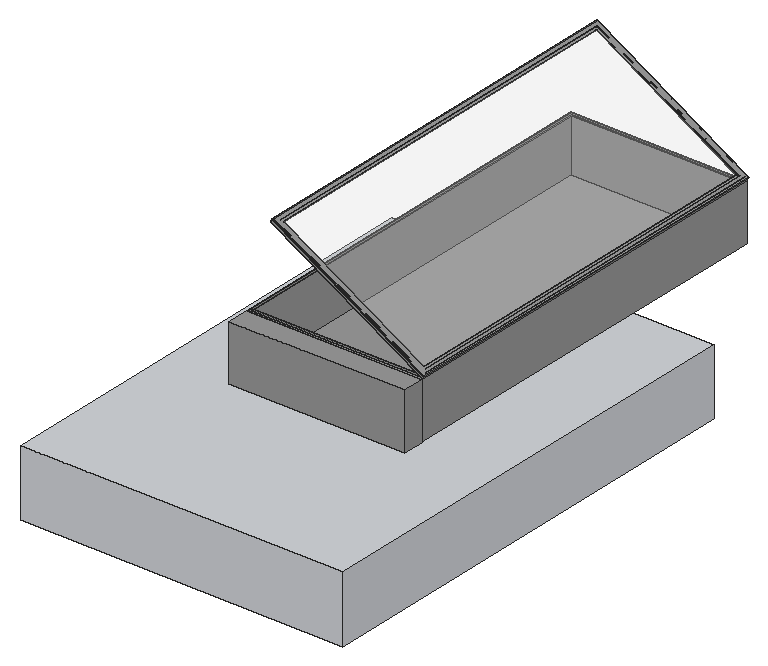
Revit family "Hager-Univers-IP55-D275-H1950-Cl.I-Steel_encl-CH-de", category Equipement électrique, Revit 2020
Family settings
  Hôte = Face
  Configuration du panneau = Deux colonnes, circuits au sein
  Cote de connecteur circulaire = Utiliser le diamètre
  Type d'élément = Tableau de raccordement
  Couper avec des vides une fois chargée = Non
  Partagée = Non
  Point de calcul de pièce = Non
Parameters (values of type "Bodenaufstellung IP55 B800 H1950 T275  - FR23K1")
  Width Control [instance] = if([EF000008 - Breite] > Min Width, [EF000008 - Breite], Min Width)  # 800 mm
  Commentaires du type = [HG000003 - Bereich]  # "Univers"
  Thickness Door [instance] = if([EF009171 - Materialstärke Tür/Deckel] > 3 mm, 3 mm, [EF009171 - Materialstärke Tür/Deckel])  # 1.5 mm
  Seal Frame Offset [instance] = 17 mm  # constant formula
  Plinth Visibility [instance] = [HG000027 - Sockelhöhe] > 0 mm  # yes
  Model = ""
  Min Width [instance] = 100 mm  # constant formula
  Min Height [instance] = 100 mm  # constant formula
  Min Depth [instance] = (2 * [EF009170 - Materialstärke Gehäuse]) + 1 mm  # 4 mm
  Internal Frame Depth [instance] = (Door System Depth * 0.5)  # 9 mm
  Height Control [instance] = if([EF000040 - Höhe] > Min Height, [EF000040 - Höhe], Min Height)  # 1950 mm
  HG000027 - Sockelhöhe = 100 mm
  HG000026 - Stehend auf dem Boden = yes
  HG000024 - Höhe des unteren Teils = 800 mm
  HG000023 - Gehäuse mit doppeltem Querschnitt = no
  HG000016 - 3D-Türsichtbarkeit [instance] = yes
  HG000015 - Sichtbarkeit der Türöffnung [instance] = no
  HG000014 - Tür rechts [instance] = yes
  HG000013 - Tür links [instance] = not([HG000014 - Tür rechts])  # no
  HG000012 - Türschwenkwinkel [instance] = 30.00°
  HG000010 - Asymmetrische Türen = no
  HG000009 - Doppelflügeligen Tür = no
  HG000006 - Unterputz = no
  HG000004 - Herstellerreferenz = "FR23K1"
  HG000003 - Bereich = "Univers"
  HG000002 - Mit tür = yes
  Frame Offset Bottom [instance] = 10 mm  # constant formula
  Frame Offset [instance] = 15 mm  # constant formula
  EF015940 - Deckel mit Überdruckentlastung = no
  EF011959 - Schutzart (NEMA) = ""
  EF009554 - Anzahl der Öffnungen für Flanschplatten = 6
  Fabricant = "Hager"  # constant formula
  EF009212 - Ausführung Deckel = "EV000116 - geschlossen"
  EF009171 - Materialstärke Tür/Deckel = 1.5 mm
  EF009170 - Materialstärke Gehäuse = 1.5 mm
  EF008873 - Nennstrom (In) = 800 A
  EF007800 - Geeignet für Blitzschutz = no
  EF006306 - Mit Schloss = no
  EF006244 - Transparenter Deckel/Tür = yes
  EF005474 - Schutzart (IP) = "EV006420 - IP55"
  EF004464 - Art der Tür = "EV002646 - Einzel"
  EF004427 - Anzahl der Module = 432
  EF004293 - Schlagfestigkeit = "EV008784 - IK10"
  EF003532 - Geeignet für Außengebrauch = no
  EF002950 - Breite in Teilungseinheiten = 24
  EF001613 - Funktionserhalt = "EV000494 - ohne"
  EF001596 - Werkstoff des Gehäuses = "EV000179 - Stahl"
  EF001131 - Innentiefe = 275 mm
  EF001088 - Anbaumöglichkeit = yes
  EF000437 - Anzahl der Leitungseinführungen = 6
  EF000339 - Art der Abdeckung = "EV004216 - Tür"
  EF000266 - Anzahl der Reihen = 12
  EF000218 - Einbautiefe = 0 mm
  EF000118 - Mit Montageplatte = no
  EF000116 - RAL-Nummer = "7035"
  EF000049 - Tiefe = 275 mm
  EF000040 - Höhe = 1950 mm
  EF000008 - Breite = 800 mm
  EF000007 - Farbe = "EV000270 - grau"
  EF000003 - Montageart = "EV012274 - Bodenaufstellung"
  Door System Leaf Tolerance [instance] = 1.5 mm  # constant formula
  Door System Depth [instance] = 18 mm  # constant formula
  Door Height [instance] = Height Control - [HG000027 - Sockelhöhe]  # 1850 mm
  Depth Control [instance] = if([EF000049 - Tiefe] > Min Depth, [EF000049 - Tiefe], Min Depth)  # 275 mm
  Default Elevation = 0 mm
  Connector Offset [instance] = Height Control / 2  # 975 mm
  Bottom Top Plate Trim [instance] = 1.5 mm  # constant formula
  Plinth height Ctrl [instance] = if([HG000027 - Sockelhöhe] > 0 mm, [HG000027 - Sockelhöhe], 12 mm)  # 100 mm
Types (11, lengths in mm): name | Width Control | HG000010 - Asymmetrische Türen | HG000009 - Doppelflügeligen Tür | HG000004 - Herstellerreferenz | EF009554 - Anzahl der Öffnungen für Flanschplatten | EF006244 - Transparenter Deckel/Tür | EF004464 - Art der Tür | EF004427 - Anzahl der Module | EF000437 - Anzahl der Leitungseinführungen | EF000008 - Breite
  Bodenaufstellung IP55 B1050 H1950 T275  - FR24E1 | 1050 | yes | yes | "FR24E1" | 8 | no | "EV003602 - Doppel" | 576 | 8 | 1050
  Bodenaufstellung IP55 B1050 H1950 T275  - FR24K1 | 1050 | yes | yes | "FR24K1" | 8 | yes | "EV003602 - Doppel" | 576 | 8 | 1050
  Bodenaufstellung IP55 B1300 H1950 T275  - FR25E1 | 1300 | yes | yes | "FR25E1" | 10 | no | "EV003602 - Doppel" | 720 | 10 | 1300
  Bodenaufstellung IP55 B1300 H1950 T275  - FR25K1 | 1300 | yes | yes | "FR25K1" | 10 | yes | "EV003602 - Doppel" | 720 | 10 | 1300
  Bodenaufstellung IP55 B1550 H1950 T275  - FR26E1 | 1550 | yes | yes | "FR26E1" | 12 | no | "EV003602 - Doppel" | 864 | 12 | 1550
  Bodenaufstellung IP55 B1550 H1950 T275  - FR26K1 | 1550 | yes | yes | "FR26K1" | 12 | yes | "EV003602 - Doppel" | 864 | 12 | 1550
  Bodenaufstellung IP55 B300 H1950 T275  - FR21E1 | 300 | no | no | "FR21E1" | 2 | no | "EV002646 - Einzel" | 144 | 2 | 300
  Bodenaufstellung IP55 B550 H1950 T275  - FR22E1 | 550 | no | no | "FR22E1" | 4 | no | "EV002646 - Einzel" | 288 | 4 | 550
  Bodenaufstellung IP55 B550 H1950 T275  - FR22K1 | 550 | no | no | "FR22K1" | 4 | yes | "EV002646 - Einzel" | 288 | 4 | 550
  Bodenaufstellung IP55 B800 H1950 T275  - FR23E1 | 800 | no | no | "FR23E1" | 6 | no | "EV002646 - Einzel" | 432 | 6 | 800
  Bodenaufstellung IP55 B800 H1950 T275  - FR23K1 | 800 | no | no | "FR23K1" | 6 | yes | "EV002646 - Einzel" | 432 | 6 | 800
Reference planes
  plane 1 "Center (Front/Back)": y = 0
  plane 2: z = 0
  plane 3 "Center (Left/Right)": x = 0
  plane 4: z = 275
  plane 5: y = 101.5
  plane 6: y = 1025
  plane 7: y = 100
  plane 8: y = 1950
  plane 9: z = 0
  plane 10: x = -385
  plane 11: x = 385
  plane 12: x = 383.5
  plane 13: x = -383.5
  plane 14: y = 1948.5
  plane 15: x = -383
  plane 16: x = -400
  plane 17: x = 383
  plane 18: x = 400
  plane 19: x = 398.5
  plane 20: x = -398.5
  plane 21: y = 111.5
  plane 22: y = 1950
  plane 23: y = 1933.5
  plane 24: z = 257
  plane 25: z = 1.5
  plane 26: z = 255.5
  plane 27: z = 273.5
Forms (mm)
  Extrusion 1, solid
    sketch origin (0, 0, 0) x (1, 0, 0) y (0, 1, 0)
      loop
        line (-702.964, 1305) -> (-702.964, -811.445) -> (766.763, -811.445) -> (766.763, 1305) -> (-702.964, 1305)
    from 0 to -304.8
  Extrusion 2, solid, material "Hager_Steel_RAL7035_Light_Grey", visible <- "Plinth Visibility", detail levels medium+fine
    sketch origin (0, 0, 0) x (1, 0, 0) y (0, 1, 0)
      loop
        line (-400, 0) -> (400, 0) -> (400, 100) -> (-400, 100) -> (-400, 0)
    from 0 to 257
  Extrusion 3, solid, material "Hager_Steel_RAL7035_Light_Grey", detail levels medium+fine
    sketch origin (0, 0, 0) x (1, 0, 0) y (0, 1, 0)
      loop
        line (-400, 100) -> (400, 100) -> (400, 1950) -> (-400, 1950) -> (-400, 100)
    from 0 to 257
  Extrusion 4, void
    sketch origin (0, 0, 0) x (1, 0, 0) y (0, 1, 0)
      loop
        line (-398.5, 101.5) -> (398.5, 101.5) -> (398.5, 1948.5) -> (-398.5, 1948.5) -> (-398.5, 101.5)
    from 1.5 to 255.5
  Extrusion 5, void
    sketch origin (-381.607, -4572, 257) x (0, -1, 0) y (-1, 0, 0)
      loop
        line (-4683.5, 1.893) -> (-6505.5, 1.893) -> (-6505.5, -765.107) -> (-4683.5, -765.107) -> (-4683.5, 1.893)
    from 0 to 1.5 <- "EF009170 - Materialstärke Gehäuse"
  Extrusion 6, solid, material "Hager_Steel_RAL7035_Light_Grey", detail levels fine
    sketch origin (0, 0, 257) x (1, 0, 0) y (0, 1, 0)
      loop
        line (-383.5, 1933.5) -> (-383.5, 111.5) -> (383.5, 111.5) -> (383.5, 1933.5) -> (-383.5, 1933.5)
      loop
        line (-385, 110) -> (385, 110) -> (385, 1935) -> (-385, 1935) -> (-385, 110)
    from 0 to 9 <- "Internal Frame Depth"
  Extrusion 7, solid, material "Hager_Steel_RAL7035_Light_Grey", detail levels coarse
    sketch origin (0, 0, 0) x (1, 0, 0) y (0, 1, 0)
      loop
        line (-400, 0) -> (400, 0) -> (400, 1950) -> (-400, 1950) -> (-400, 0)
    from 0 to 275
  Sweep 8, void
    path in 3D
      loop
        line (-400, 100, 0) -> (400, 100, 0) -> (400, 100, 257) -> (-400, 100, 257) -> (-400, 100, 0)
    profile origin (-400, 100, 128.5) x (-1, 0, 0) y (0, -1, 0)
      loop
        line (0, 0) -> (0, 1.5) -> (-1.5, 1.5)
        arc (-1.5, 1.5) -> (-1.061, 0.439) -> (0, 0) r 1.5
Cuts and joins
  Extrusion 4, Extrusion 5 cuts Extrusion 3
  Sweep 8 cuts Extrusion 2
Lines and regions (mm)
  Masking region 1
    outline origin (0, 0, 0) x (1, 0, 0) y (0, 0, 1)
      loop
        line (-400, 275) -> (-400, 0) -> (400, 0) -> (400, 275) -> (-400, 275)
  Masking region 2, detail levels medium+fine
    outline origin (0, 140, 0) x (0, 1, 0) y (0, 0, 1)
      loop
        line (-40, 0) -> (1810, 0) -> (1810, 257) -> (-40, 257) -> (-40, 0)
  Masking region 3, not visible, detail levels medium+fine
    outline origin (0, 297.922, 0) x (0, 1, 0) y (0, 0, 1)
      loop
        line (738.578, 0) -> (778.578, 0) -> (778.578, 263.5)
        arc (778.578, 263.5) -> (775.649, 270.571) -> (768.578, 273.5) r 10
        line (768.578, 273.5) -> (738.578, 273.5) -> (738.578, 0)
  Masking region 4, detail levels coarse
    outline origin (0, 0, 180) x (0, 1, 0) y (0, 0, 1)
      loop
        line (0, -180) -> (1950, -180) -> (1950, 95) -> (0, 95) -> (0, -180)
  Masking region 5, visible <- "Plinth Visibility", detail levels medium+fine
    outline origin (0, 52.24, 12.345) x (0, 0, -1) y (0, 1, 0)
      loop
        line (10.845, 47.76) -> (-243.155, 47.76)
        arc (-243.155, 47.76) -> (-243.594, 46.699) -> (-244.655, 46.26) r 1.5
        line (-244.655, 46.26) -> (-244.655, -52.24) -> (12.345, -52.24) -> (12.345, 46.26)
        arc (12.345, 46.26) -> (11.285, 46.699) -> (10.845, 47.76) r 1.5
  Masking region 6, detail levels medium+fine
    outline origin (-381.607, -4572, 257) x (-1, 0, 0) y (0, -1, 0)
      loop
        line (18.393, -6522) -> (18.393, -4672) -> (-781.607, -4672) -> (-781.607, -6522) -> (18.393, -6522)
  Masking region 7, visible <- "Plinth Visibility", detail levels medium+fine
    outline origin (-381.607, -4727, 257) x (-1, 0, 0) y (0, -1, 0)
      loop
        arc (16.893, -4827) -> (17.332, -4825.939) -> (18.393, -4825.5) r 1.5
        line (18.393, -4825.5) -> (18.393, -4727) -> (-781.607, -4727) -> (-781.607, -4825.5)
        arc (-781.607, -4825.5) -> (-780.546, -4825.939) -> (-780.107, -4827) r 1.5
        line (-780.107, -4827) -> (16.893, -4827)
  Masking region 8, detail levels coarse
    outline origin (-442.548, -4669.526, 257) x (-1, 0, 0) y (0, -1, 0)
      loop
        line (-42.548, -6619.526) -> (-42.548, -4669.526) -> (-842.548, -4669.526) -> (-842.548, -6619.526) -> (-42.548, -6619.526)
  sketch lines
    curve 1: line (-400, 100, 257) -> (-400, 100, 0)
    curve 2: line (400, 100, 257) -> (-400, 100, 257)
    curve 3: line (400, 100, 257) -> (400, 100, 0)
    curve 4: line (-400, 100, 0) -> (400, 100, 0)
Dimensions and locks
  "Depth Control": plane 4 to Extrusion 1
  "HG000027 - Sockelhöhe": plane 1 "Center (Front/Back)" to plane 7
  "EF009170 - Materialstärke Gehäuse": plane 5 to plane 7
  locked: connector elem to plane 3 "Center (Left/Right)"
  equal spacing: plane 8, plane 6, plane 7
  locked: connector elem to plane 6
  "EF009170 - Materialstärke Gehäuse": plane 8 to plane 14
  "EF009170 - Materialstärke Gehäuse": plane 10 to plane 13
  "EF009170 - Materialstärke Gehäuse": plane 12 to plane 11
  "Frame Offset": plane 20 to plane 13
  "Frame Offset": plane 12 to plane 19
  "EF009170 - Materialstärke Gehäuse": plane 16 to plane 20
  "EF009170 - Materialstärke Gehäuse": plane 19 to plane 18
  "Seal Frame Offset": plane 16 to plane 15
  "Seal Frame Offset": plane 17 to plane 18
  "Frame Offset Bottom": plane 21 to plane 5
  "Frame Offset": plane 14 to plane 23
  equal spacing: plane 16, plane 3 "Center (Left/Right)", plane 18
  "Width Control": plane 16 to plane 18
  "EF009170 - Materialstärke Gehäuse": plane 4 to plane 27
  "EF009170 - Materialstärke Gehäuse": plane 24 to plane 26
  "EF009170 - Materialstärke Gehäuse": plane 25 to level
  "Door System Depth": plane 4 to plane 24
  "Height Control": plane 1 "Center (Front/Back)" to Extrusion 7 sketch curve
  "Height Control": Masking region 4 sketch curve to plane 1 "Center (Front/Back)"
  "Height Control": plane 1 "Center (Front/Back)" to plane 22
  "Bottom Top Plate Trim": profile plane to Sweep 8 sketch curve
  "Bottom Top Plate Trim": Sweep 8 sketch curve to profile plane
  "Plinth height Ctrl": plane 1 "Center (Front/Back)" to Extrusion 2 sketch curve
  "Plinth height Ctrl": Masking region 5 sketch curve to plane 1 "Center (Front/Back)"
  "Plinth height Ctrl": plane 1 "Center (Front/Back)" to Masking region 7 sketch curve
  "Thickness Door": Extrusion 6 sketch curve to Extrusion 6 sketch curve  (x3)
  "Thickness Door": cut or joined group of Extrusion 3, Extrusion 4, Extrusion 5 to Extrusion 6 sketch curve
  radius of Masking region 3 sketch curve = 10 mm
  "Bottom Top Plate Trim": radius of Masking region 5 sketch curve  (x2)
  "Bottom Top Plate Trim": radius of Sweep 8 sketch curve
  "Bottom Top Plate Trim": radius of Masking region 7 sketch curve  (x2)
  aligned and locked: plane 2 to Extrusion 1
  aligned and locked: level to Extrusion 1
  aligned and locked: level to Masking region 1 sketch curve
  aligned and locked: Masking region 1 sketch curve to plane 18
  aligned and locked: Masking region 1 sketch curve to plane 16
  aligned and locked: plane 7 to Masking region 2 sketch curve
  aligned and locked: level to Masking region 3 sketch curve
  aligned and locked: Masking region 3 sketch curve to plane 27
  aligned and locked: level to Masking region 2 sketch curve
  aligned and locked: plane 1 "Center (Front/Back)" to Extrusion 2 sketch curve
  aligned and locked: Extrusion 3 sketch curve to plane 7
  aligned and locked: plane 16 to Extrusion 3 sketch curve
  aligned and locked: plane 18 to Extrusion 3 sketch curve
  aligned and locked: plane 20 to Extrusion 4 sketch curve
  aligned and locked: plane 19 to Extrusion 4 sketch curve
  aligned and locked: Extrusion 4 sketch curve to plane 5
  aligned and locked: Extrusion 4 to plane 25
  aligned and locked: plane 26 to Extrusion 4
  aligned and locked: plane 24 to Extrusion 3
  aligned and locked: Extrusion 5 sketch curve to plane 21
  aligned and locked: Extrusion 5 sketch curve to plane 13
  aligned and locked: Extrusion 5 sketch curve to plane 12
  aligned and locked: plane 18 to Extrusion 7 sketch curve
  aligned and locked: plane 1 "Center (Front/Back)" to Extrusion 7 sketch curve
  aligned and locked: plane 16 to Extrusion 7 sketch curve
  aligned and locked: plane 4 to Extrusion 7
  aligned and locked: Extrusion 7 to level
  aligned and locked: level to Masking region 4 sketch curve
  aligned and locked: Masking region 4 sketch curve to plane 1 "Center (Front/Back)"
  aligned and locked: Masking region 4 sketch curve to plane 4
  aligned and locked: nested 1 to level
  aligned and locked: nested 1 to plane 16
  aligned and locked: plane 8 to Extrusion 3 sketch curve
  aligned and locked: plane 23 to Extrusion 5 sketch curve
  aligned and locked: plane 14 to Extrusion 4 sketch curve
  aligned and locked: Masking region 2 sketch curve to plane 8
  aligned and locked: level to Masking region 5 sketch curve
  aligned and locked: plane 16 to Extrusion 2 sketch curve
  aligned and locked: plane 18 to Extrusion 2 sketch curve
  aligned and locked: Masking region 5 sketch curve to plane 24
  aligned and locked: Masking region 2 sketch curve to plane 24
  aligned and locked: plane 24 to Extrusion 2
  aligned and locked: profile plane to Sweep 8 sketch curve  (x2)
  aligned and locked: Masking region 6 sketch curve to plane 18
  aligned and locked: Masking region 6 sketch curve to plane 22
  aligned and locked: Masking region 6 sketch curve to plane 16
  aligned and locked: plane 8 to plane 22
  aligned and locked: Masking region 6 sketch curve to plane 7
  aligned and locked: Masking region 7 sketch curve to plane 16
  aligned and locked: Masking region 7 sketch curve to plane 1 "Center (Front/Back)"
  aligned and locked: Masking region 7 sketch curve to plane 18
  aligned and locked: Masking region 8 sketch curve to plane 1 "Center (Front/Back)"
  aligned and locked: Masking region 8 sketch curve to plane 18
  aligned and locked: Masking region 8 sketch curve to plane 22
  aligned and locked: Masking region 8 sketch curve to plane 16
  aligned and locked: nested 2 to plane 7
  aligned and locked: plane 3 "Center (Left/Right)" to nested 2
  aligned and locked: nested 2 to plane 24
  aligned and locked: Extrusion 6 sketch curve to cut or joined group of Extrusion 3, Extrusion 4, Extrusion 5  (x4)
Automatic sketch dimensions
  Extrusion 1 sketch curve to Extrusion 1 sketch curve = 1469.727 mm
  Extrusion 1 sketch curve to Extrusion 1 sketch curve = 2116.445 mm
  Masking region 1 sketch curve to plane 4 = 0 mm
  plane 6 to Masking region 3 sketch curve = 11.5 mm
  Masking region 3 sketch curve to Masking region 3 sketch curve = 30 mm
  Masking region 5 sketch curve to plane 1 "Center (Front/Back)" = 0 mm
Nested families
  nested 1: "Hager_Enclosure_Symbol" at (-400, 0, 0) x (1, 0, 0) z (0, -1, 0), Height <- "Depth Control", Width <- "Width Control", type "Hager_Enclosure_Symbol"
    with Width_Ctrl 800 mm, Width 800 mm, Height_Ctrl 275 mm, Height 275 mm, A_Width_Int 18.047 mm, A_Width 216.562 mm, A_Height_Ctrl 240.625 mm, A_Height 240.625 mm
  nested 2: "EC000058_Univers_Door" at (0, 100, 257) x (1, 0, 0) z (0, 1, 0), Leaf_Tolerance <- "Door System Leaf Tolerance", Angle <- "HG000012 - Türschwenkwinkel", Door_Depth <- "Door System Depth", Door_Left <- "HG000013 - Tür links", Transparent <- "EF006244 - Transparenter Deckel/Tür", Assymetrical <- "HG000010 - Asymmetrische Türen", Width <- "Width Control", Clearance <- "HG000015 - Sichtbarkeit der Türöffnung", Double <- "HG000009 - Doppelflügeligen Tür", 3d_Door <- "HG000016 - 3D-Türsichtbarkeit", Lock_Visibility <- "EF006306 - Mit Schloss", Width_Ctrl <- "Width Control", Door_Right <- "HG000014 - Tür rechts", Door <- "HG000002 - Mit tür", Height <- "Door Height", Thickness <- "Thickness Door", type "EC000058_Univers_Door", detail levels medium+fine
    with min_wh 4 mm, Width_Ctrl 800 mm, Width 800 mm, Transparent yes, Thickness 1.5 mm, Seal_Material Hager_Rubber, Lock_Visibility no, Lock_Material Hager_Plastic_RAL9005_Jet_Black, Leaf_Width 800 mm, Leaf_Tolerance_External_Sides 0 mm, Leaf_Tolerance 1.5 mm, Leaf_Offset 0 mm, Leaf_Height 1847 mm, Leaf_2_Width 800 mm, Leaf_2_Offset 400 mm, Leaf_1_Width 800 mm, Leaf_1_Offset 400 mm, Height_Ctrl 1850 mm, Height 1850 mm, Glass_Material Hager_Glass, Double_Clearance_Ctrl no, Double no, Door_Right_Ctrl yes, Door_Right yes, Door_Material Hager_Steel_RAL7035_Light_Grey, Door_Left_Ctrl no, Door_Left no, Door_Depth 18 mm, Door yes, Clearance_Material Hager_Clearance, Clearance_Depth 800 mm, Clearance_Ctrl no, Clearance no, Assymetrical no, Angle 30.00°, 3d_Door yes
Connectors
  electrical at (0, 1025, 0)
    settings: on plane 9, index 1, voltage 0 V, apparent load 0 VA, apparent load phase1 0 VA, apparent load phase2 0 VA, apparent load phase3 0 VA, power factor 1, load classification "Other", number of poles 1, system type 30, power factor state 1, is connector primary yes, connector utility no, sub classification motor no, connector description ""
Definition of nested family "EC000058_Univers_Door"
  Parameters (values of type "EC000058_Univers_Door")
    min_wh [instance] = (2 * Thickness) + 1 mm  # 11 mm
    Width_Ctrl [instance] = 400 mm
    Width [instance] = 500 mm
    Transparent [instance] = yes
    Thickness [instance] = 5 mm
    Seal_Material [instance] = none
    Lock_Visibility [instance] = yes
    Lock_Material [instance] = none
    Leaf_Width [instance] = if((Width_Ctrl - 2 * Leaf_Tolerance_External_Sides) > 0 mm, (Width_Ctrl - 2 * Leaf_Tolerance_External_Sides), min_wh)  # 400 mm
    Leaf_Tolerance_External_Sides [instance] = 0 mm  # constant formula
    Leaf_Tolerance [instance] = 1.5 mm
    Leaf_Offset [instance] = 0 mm  # constant formula
    Leaf_Height [instance] = if((Height_Ctrl - 2 * Leaf_Tolerance) > 0 mm, (Height_Ctrl - 2 * Leaf_Tolerance), min_wh)  # 497 mm
    Leaf_2_Width [instance] = if(and(and(Double, Assymetrical), Door_Left), (Leaf_Width / 3) - (Leaf_Tolerance / 2), if(and(and(Double, Assymetrical), Door_Right), (Leaf_Width / 3) * 2 - (Leaf_Tolerance / 2), if(and(Double, not(Assymetrical)), (Leaf_Width / 2) - Leaf_Tolerance, Leaf_Width)))  # 400 mm
    Leaf_2_Offset [instance] = if(and(Double, Assymetrical), Leaf_2_Width / 2, if(and(Double, not(Assymetrical)), Leaf_Width / 4, Leaf_Width / 2))  # 200 mm
    Leaf_1_Width [instance] = if(and(and(Double, Assymetrical), Door_Right), (Leaf_Width / 3) - (Leaf_Tolerance / 2), if(and(and(Double, Assymetrical), Door_Left), (Width / 3) * 2 - (Leaf_Tolerance / 2), if(and(Double, not(Assymetrical)), (Leaf_Width / 2) - Leaf_Tolerance, Leaf_Width)))  # 400 mm
    Leaf_1_Offset [instance] = if(and(Double, Assymetrical), Leaf_1_Width / 2, if(and(Double, not(Assymetrical)), Leaf_Width / 4, Leaf_Width / 2))  # 200 mm
    Height_Ctrl [instance] = if(Height > min_wh, Height, min_wh)  # 500 mm
    Height [instance] = 500 mm
    Glass_Material [instance] = none
    Double_Clearance_Ctrl [instance] = and(Double, Clearance)  # no
    Double [instance] = no
    Door_Right_Ctrl [instance] = and(or(Door_Right, Double), Door)  # yes
    Door_Right [instance] = yes
    Door_Material [instance] = none
    Door_Left_Ctrl [instance] = and(or(Door_Left, Double), Door)  # no
    Door_Left [instance] = no
    Door_Depth [instance] = 30 mm
    Door [instance] = yes
    Default Elevation = 1219.2 mm
    Clearance_Material [instance] = none
    Clearance_Depth [instance] = if(Leaf_1_Width > Leaf_2_Width, Leaf_1_Width, Leaf_2_Width)  # 400 mm
    Clearance_Ctrl [instance] = and(not(Double), Clearance)  # yes
    Clearance [instance] = yes
    Assymetrical [instance] = yes
    Angle [instance] = 30.00°
    3d_Door [instance] = yes
  Reference planes
    plane 1 "Center (Front/Back)": y = 0
    plane 2 "Bottom": z = 0
    plane 3 "Center (Left/Right)": x = 0
    plane 4: z = 500
    plane 5: x = -200
    plane 6: x = 200
    plane 7: z = 500
    plane 8: x = -200
    plane 9: z = 0
    plane 10: x = 200
    plane 11: y = 0
    plane 12: z = 1.5
    plane 13: x = -600
    plane 14: y = -400
    plane 15: x = 600
    plane 16: x = 0
    plane 17: x = 0
    plane 18: x = -200
    plane 19: x = 200
    plane 20: z = 498.5
  Forms (mm)
    Extrusion 1, solid, material <- "Clearance_Material", visible <- "Double_Clearance_Ctrl"
      sketch origin (1200, 0, 0) x (1, 0, 0) y (0, 0, -1)
        loop
          line (-1800, -498.5) -> (-600, -498.5) -> (-600, 0) -> (-1800, 0) -> (-1800, -498.5)
      from 0 to -400
  Dimensions and locks
    equal spacing: plane 5, plane 3 "Center (Left/Right)", plane 6
    "Width_Ctrl": plane 5 to plane 6
    "Leaf_Offset": plane 5 to plane 8
    "Leaf_Offset": plane 6 to plane 10
    "Leaf_Offset": plane 9 to level
    "Leaf_Offset": plane 4 to plane 7
    "Height_Ctrl": plane 4 to level
    "Leaf_Tolerance": plane 12 to plane 9
    locked: plane 11 to plane 1 "Center (Front/Back)"
    "Leaf_1_Offset": plane 18 to plane 16
    "Leaf_2_Offset": plane 17 to plane 19
    "Leaf_1_Width": plane 13 to plane 8
    "Leaf_2_Width": plane 10 to plane 15
    "Clearance_Depth": plane 14 to plane 1 "Center (Front/Back)"
    "Leaf_Tolerance_External_Sides": plane 8 to plane 18
    "Leaf_Tolerance_External_Sides": plane 19 to plane 10
    "Leaf_Tolerance": plane 7 to plane 20
    aligned and locked: level to plane 2 "Bottom"
    aligned and locked: nested 1 to plane 16
    aligned and locked: nested 2 to plane 17
    aligned and locked: Extrusion 1 to plane 13
    aligned and locked: plane 15 to Extrusion 1
    aligned and locked: Extrusion 1 to plane 14
    aligned and locked: plane 12 to nested 1
    aligned and locked: nested 2 to plane 12
    aligned and locked: Extrusion 1 to plane 11
    aligned and locked: plane 20 to Extrusion 1
    aligned and locked: nested 2 to plane 11
    aligned and locked: nested 1 to plane 11
  Automatic sketch dimensions
    Extrusion 1 sketch curve to level = 0 mm
    plane 5 to Extrusion 1 sketch curve = 400 mm
    plane 6 to Extrusion 1 sketch curve = 400 mm
    Extrusion 1 sketch curve to plane 4 = 1.5 mm
  Nested families
    nested 1: "EC000058_Univers_Door_Leaf" at (0, 0, 1.5), Width <- "Leaf_1_Width", visible <- "Door_Left_Ctrl", Leaf_Height <- "Leaf_Height", Angle <- "Angle", 3d_Door <- "3d_Door", Transparent <- "Transparent", Clearance Material <- "Clearance_Material", Clearance <- "Clearance_Ctrl", Door_Material <- "Door_Material", Glass_Material <- "Glass_Material", Door_Depth <- "Door_Depth", Lock_Material <- "Lock_Material", Seal_Material <- "Seal_Material", Lock_Visibility <- "Lock_Visibility", Thickness <- "Thickness", type "EC000058_Univers_Door_Leaf"
      with Width 400 mm, Transparent_Glass_Offset 30 mm, Transparent_Ctrl yes, Transparent yes, Thickness 5 mm, Standard no, Seal_Material none, Seal_D2 8 mm, Seal_D1 1 mm, Offset_Internal_Frame 10 mm, Lock_Width 20 mm, Lock_Visibility_3d yes, Lock_Visibility yes, Lock_Thickness_3 3 mm, Lock_Thickness_2 1 mm, Lock_Thickness_1 3 mm, Lock_Radius_Offset_2 16 mm, Lock_Radius_Offset_1 15 mm, Lock_Radius_2 5 mm, Lock_Radius 6 mm, Lock_Offset 5 mm, Lock_Material none, Lock_Height 80 mm, Lock_Cover_Top_Offset_2d 17 mm, Lock_Cover_Height -65 mm, Leaf_Height 497 mm, Internal_Seal_Thickness 8 mm, Internal_Seal_Depth_2 4.5 mm, Internal_Frame_Depth 25 mm, Glass_Thickness -1 mm, Glass_Offset -2 mm, Glass_Material none, Door_Material none, Door_Depth 30 mm, Clearance Material none, Clearance yes, Angle_Ctrl 30.00°, Angle 30.00°, 3d_Door yes
    nested 2: "EC000058_Univers_Door_Leaf" at (0, 0, 1.5) x (-1, 0, 0) z (0, 0, 1), Width <- "Leaf_2_Width", visible <- "Door_Right_Ctrl", Leaf_Height <- "Leaf_Height", Angle <- "Angle", 3d_Door <- "3d_Door", Transparent <- "Transparent", Clearance Material <- "Clearance_Material", Clearance <- "Clearance_Ctrl", Door_Material <- "Door_Material", Glass_Material <- "Glass_Material", Door_Depth <- "Door_Depth", Lock_Material <- "Lock_Material", Seal_Material <- "Seal_Material", Lock_Visibility <- "Lock_Visibility", Thickness <- "Thickness", type "EC000058_Univers_Door_Leaf"
      with Width 400 mm, Transparent_Glass_Offset 30 mm, Transparent_Ctrl yes, Transparent yes, Thickness 5 mm, Standard no, Seal_Material none, Seal_D2 8 mm, Seal_D1 1 mm, Offset_Internal_Frame 10 mm, Lock_Width 20 mm, Lock_Visibility_3d yes, Lock_Visibility yes, Lock_Thickness_3 3 mm, Lock_Thickness_2 1 mm, Lock_Thickness_1 3 mm, Lock_Radius_Offset_2 16 mm, Lock_Radius_Offset_1 15 mm, Lock_Radius_2 5 mm, Lock_Radius 6 mm, Lock_Offset 5 mm, Lock_Material none, Lock_Height 80 mm, Lock_Cover_Top_Offset_2d 17 mm, Lock_Cover_Height -65 mm, Leaf_Height 497 mm, Internal_Seal_Thickness 8 mm, Internal_Seal_Depth_2 4.5 mm, Internal_Frame_Depth 25 mm, Glass_Thickness -1 mm, Glass_Offset -2 mm, Glass_Material none, Door_Material none, Door_Depth 30 mm, Clearance Material none, Clearance yes, Angle_Ctrl 30.00°, Angle 30.00°, 3d_Door yes
  Definition of nested family "EC000058_Univers_Door_Leaf"
    Parameters (values of type "EC000058_Univers_Door_Leaf")
      Width [instance] = 2000 mm
      Transparent_Glass_Offset [instance] = 30 mm
      Transparent_Ctrl [instance] = and(Transparent, [3d_Door])  # yes
      Transparent [instance] = yes
      Thickness [instance] = 5 mm
      Standard [instance] = and(not(Transparent), [3d_Door])  # no
      Seal_Material [instance] = none
      Seal_D2 [instance] = 8 mm  # constant formula
      Seal_D1 [instance] = 1 mm  # constant formula
      Offset_Internal_Frame [instance] = 10 mm  # constant formula
      Lock_Width [instance] = 20 mm  # constant formula
      Lock_Visibility_3d [instance] = and(Lock_Visibility, [3d_Door])  # yes
      Lock_Visibility [instance] = yes
      Lock_Thickness_3 [instance] = 3 mm  # constant formula
      Lock_Thickness_2 [instance] = 1 mm  # constant formula
      Lock_Thickness_1 [instance] = 3 mm  # constant formula
      Lock_Radius_Offset_2 [instance] = Lock_Radius_Offset_1 + 1 mm  # 16 mm
      Lock_Radius_Offset_1 [instance] = 15 mm  # constant formula
      Lock_Radius_2 [instance] = Lock_Radius - 1 mm  # 5 mm
      Lock_Radius [instance] = 6 mm  # constant formula
      Lock_Offset [instance] = 5 mm  # constant formula
      Lock_Material [instance] = none
      Lock_Height [instance] = 80 mm  # constant formula
      Lock_Cover_Top_Offset_2d [instance] = Lock_Radius_Offset_2 + 1 mm  # 17 mm
      Lock_Cover_Height [instance] = -(Lock_Height - Lock_Radius_Offset_1)  # -65 mm
      Leaf_Height [instance] = 2720.336 mm
      Internal_Seal_Thickness [instance] = 8 mm  # constant formula
      Internal_Seal_Depth_2 [instance] = 4.5 mm  # constant formula
      Internal_Frame_Depth [instance] = if(Door_Depth - Thickness > 5 mm, Door_Depth - Thickness, 5 mm)  # 25 mm
      Glass_Thickness [instance] = if(Thickness > 15 mm, Glass_Offset + 10 mm, -1 mm)  # -1 mm
      Glass_Offset [instance] = if(Thickness > 15 mm, -(Thickness + 10 mm) / 2, -2 mm)  # -2 mm
      Glass_Material [instance] = none
      Door_Material [instance] = none
      Door_Depth [instance] = 30 mm
      Default Elevation = 0 mm
      Clearance Material [instance] = none
      Clearance [instance] = yes
      Angle_Ctrl [instance] = if(Angle > 180.00°, 180.00°, Angle)  # 90.00°
      Angle [instance] = 90.00°
      3d_Door [instance] = yes
    Reference planes
      plane 1 "Center (Front/Back)": y = 0
      plane 2: z = 0
      plane 3 "Center (Left/Right)": x = 0
      plane 4: y = 2000
      plane 5: x = -1000
      plane 6: x = 1000
      plane 7: x = -3000
      plane 8: z = 2720.336
      plane 9: z = 30
      plane 10: z = 2690.336
      plane 11: x = 970
      plane 12: x = -970
      plane 13: y = -3
      plane 14: z = 107.833
      plane 15: y = -5
      plane 16: y = -223.314
      plane 17: x = -1000
      plane 18: z = 1360.168
      plane 19: y = 30
    Forms (mm)
      Extrusion 1, solid, material <- "Clearance Material", visible <- "Clearance"
        sketch origin (0, 0, 0) x (1, 0, 0) y (0, 0, 1)
          loop
            line (-3000, 2720.336) -> (-3000, 0) -> (1000, 0) -> (1000, 2720.336) -> (-3000, 2720.336)
        from 0 to -2000
      Extrusion 2, solid, material <- "Door_Material", visible <- "Standard", detail levels medium+fine
        sketch origin (-1000, 0, 0) x (0, 1, 0) y (-1, 0, 0)
          loop
            line (0, 30) -> (0, 25) -> (2000, 25) -> (2000, 30) -> (0, 30)
        from 0 to 2720.336 <- "Leaf_Height"
      Extrusion 3, solid, material <- "Door_Material", visible <- "Transparent_Ctrl", detail levels medium+fine
        sketch origin (-1000, 0, 0) x (0, 1, 0) y (-1, 0, 0)
          loop
            line (0, 25) -> (2000, 25) -> (2000, 30) -> (0, 30) -> (0, 25)
        from 0 to 2720.336 <- "Leaf_Height"
      Extrusion 4, void
        sketch origin (-1025, 2000, 0) x (0, 1, 0) y (0, 0, -1)
          loop
            line (-30, -2690.336) -> (-30, -30) -> (-1970, -30) -> (-1970, -2690.336) -> (-30, -2690.336)
        from 0 to 5 <- "Thickness"
      Sweep 5, solid, material <- "Seal_Material", visible <- "Transparent_Ctrl", detail levels fine
        path in 3D
          loop
            line (-1025, 30, 30) -> (-1025, 30, 2690.336) -> (-1025, 1970, 2690.336) -> (-1025, 1970, 30) -> (-1025, 30, 30)
        profile origin (-1025, 1000, 30) x (1, 0, 0) y (0, 0, 1)
          loop
            line (0, 0) -> (0, -8) -> (1, -8) -> (1, 0) -> (0, 0)
      Extrusion 6, solid, material <- "Glass_Material", visible <- "Transparent_Ctrl", detail levels medium+fine
        sketch origin (-1030, 0, 0) x (0, 1, 0) y (0, 0, -1)
          loop
            line (1970, -2690.336) -> (1970, -30) -> (30, -30) -> (30, -2690.336) -> (1970, -2690.336)
        from -2 <- "Glass_Offset" to -1 <- "Glass_Thickness"
      Extrusion 7, solid, material <- "Door_Material", visible <- "3d_Door", detail levels medium+fine
        sketch origin (-1025, 2000, 0) x (0, -1, 0) y (0, 0, -1)
          loop
            line (0, -2720.336) -> (2000, -2720.336) -> (2000, 0) -> (0, 0) -> (0, -2720.336)
          loop
            line (1995, -5) -> (5, -5) -> (5, -2715.336) -> (1995, -2715.336) -> (1995, -5)
        from 0 to 25 <- "Internal_Frame_Depth"
      Sweep 8, solid, material <- "Seal_Material", visible <- "Transparent_Ctrl", detail levels fine
        path in 3D
          loop
            line (-1025, 0, 0) -> (-1025, 2000, 0) -> (-1025, 2000, 2720.336) -> (-1025, 0, 2720.336) -> (-1025, 0, 0)
        profile origin (-1025, 0, 1360.168) x (1, 0, 0) y (0, 1, 0)
          loop
            line (0, 10) -> (2.975, 10)
            arc (2.975, 10) -> (4.053, 10.447) -> (4.5, 11.525) r 1.525
            line (4.5, 11.525) -> (4.5, 16.527)
            arc (4.5, 16.527) -> (4.069, 17.569) -> (3.027, 18) r 1.473
            line (3.027, 18) -> (0, 18) -> (0, 10)
      Extrusion 9, solid, material <- "Lock_Material", visible <- "Lock_Visibility_3d", detail levels fine
        sketch origin (-1030, 0, 0) x (0, 1, 0) y (0, 0, -1)
          loop
            arc (1993.5, -1400.168) -> (1994.561, -1399.729) -> (1995, -1398.668) r 1.5
            line (1995, -1398.668) -> (1995, -1320.168) -> (1975, -1320.168) -> (1975, -1398.668)
            arc (1975, -1398.668) -> (1975.439, -1399.729) -> (1976.5, -1400.168) r 1.5
            line (1976.5, -1400.168) -> (1993.5, -1400.168)
        from 3 <- "Lock_Thickness_1" to 0
      Blend 10, solid, material <- "Lock_Material", visible <- "Lock_Visibility_3d", detail levels fine
        base sketch origin (-1033, 0, 0) x (0, 1, 0) y (0, 0, -1)
          loop
            line (1975, -1320.168) -> (1975, -1398.668)
            arc (1975, -1398.668) -> (1975.439, -1399.729) -> (1976.5, -1400.168) r 1.5
            line (1976.5, -1400.168) -> (1993.5, -1400.168)
            arc (1993.5, -1400.168) -> (1994.561, -1399.729) -> (1995, -1398.668) r 1.5
            line (1995, -1398.668) -> (1995, -1320.168) -> (1975, -1320.168)
        top sketch origin (-1033, 0, 0) x (0, 1, 0) y (0, 0, -1)
          loop
            line (1976, -1320.168) -> (1976, -1398.668)
            arc (1976, -1398.668) -> (1976.146, -1399.022) -> (1976.5, -1399.168) r 0.5
            line (1976.5, -1399.168) -> (1993.5, -1399.168)
            arc (1993.5, -1399.168) -> (1993.854, -1399.022) -> (1994, -1398.668) r 0.5
            line (1994, -1398.668) -> (1994, -1320.168) -> (1976, -1320.168)
        from 0 to 1 <- "Lock_Thickness_2"
      Blend 11, solid, material <- "Lock_Material", visible <- "Lock_Visibility_3d", detail levels fine
        base sketch origin (-1034, 0, 0) x (0, 1, 0) y (0, 0, -1)
          loop
            line (1978, -1320.168) -> (1978, -1384.168)
            arc (1978, -1384.168) -> (1985, -1391.168) -> (1992, -1384.168) r 7
            line (1992, -1384.168) -> (1992, -1320.168) -> (1978, -1320.168)
        top sketch origin (-1034, 0, 0) x (0, 1, 0) y (0, 0, -1)
          loop
            line (1991, -1320.168) -> (1979, -1320.168) -> (1979, -1383.168)
            arc (1979, -1383.168) -> (1985, -1389.168) -> (1991, -1383.168) r 6
            line (1991, -1383.168) -> (1991, -1320.168)
        from 0 to 3 <- "Lock_Thickness_3"
      Extrusion 12, solid, material <- "Lock_Material", visible <- "Lock_Visibility_3d", detail levels fine
        sketch origin (-1030, 1975, 1320.168) x (1, 0, 0) y (0, -1, 0)
          loop
            line (-7, -19) -> (-7, -1) -> (0, -1) -> (0, 0) -> (-8, 0) -> (-8, -20) -> (0, -20) -> (0, -19) -> (-7, -19)
        from 0 to -65 <- "Lock_Cover_Height"
      Extrusion 13, void
        sketch origin (-1038, 1995, 1320.168) x (-1, 0, 0) y (0, 0, -1)
          loop
            line (-5, -65) -> (0, -65) -> (-5, -60) -> (-5, -65)
        from 0 to 20 <- "Lock_Width"
      Extrusion 14, void
        sketch origin (-1038, 1975, 1320.168) x (0, -1, 0) y (0, 0, -1)
          loop
            circle (-10, -15.995) r 6
          loop
            circle (-10, -15.995) r 5
        from 0 to 2
      Extrusion 15, solid, material <- "Lock_Material", visible <- "Lock_Visibility_3d", detail levels medium
        sketch origin (-1030, 0, 0) x (0, 1, 0) y (0, 0, -1)
          loop
            arc (1993.5, -1400.168) -> (1994.561, -1399.729) -> (1995, -1398.668) r 1.5
            line (1995, -1398.668) -> (1995, -1320.168) -> (1975, -1320.168) -> (1975, -1398.668)
            arc (1975, -1398.668) -> (1975.439, -1399.729) -> (1976.5, -1400.168) r 1.5
            line (1976.5, -1400.168) -> (1993.5, -1400.168)
        from 8 to 0
    Cuts and joins
      Extrusion 4 cuts Extrusion 3
      Extrusion 13, Extrusion 14 cuts Extrusion 9
      Extrusion 14 cuts Blend 11
      Extrusion 13, Extrusion 14 cuts Extrusion 12
      joined: Extrusion 9, Blend 10, Blend 11, Extrusion 12
      Extrusion 14 cuts Extrusion 15
    Lines and regions (mm)
      Masking region 1, visible <- "Lock_Visibility", detail levels fine
        outline origin (0, 0, 0) x (0, 1, 0) y (0, 0, 1)
          loop
            line (30, 1320.168) -> (33, 1320.168) -> (33, 1400.168) -> (30, 1400.168) -> (30, 1320.168)
      Masking region 2, visible <- "Lock_Visibility", detail levels fine
        outline origin (0, 3.143, 0) x (0, 1, 0) y (0, 0, 1)
          loop
            line (29.857, 1354.168) -> (30.857, 1354.168) -> (30.857, 1366.168) -> (29.857, 1366.168) -> (29.857, 1354.168)
      Masking region 3, detail levels medium+fine
        outline origin (0, 0, 0) x (0, 1, 0) y (0, 0, 1)
          loop
            line (0, 0) -> (30, 0) -> (30, 2720.336) -> (0, 2720.336) -> (0, 0)
      Masking region 4, detail levels medium+fine
        outline origin (0, 0, 0) x (1, 0, 0) y (0, 0, 1)
          loop
            line (-1000, 2720.336) -> (-1000, 0) -> (1000, 0) -> (1000, 2720.336) -> (-1000, 2720.336)
      Masking region 5, visible <- "Lock_Visibility", detail levels fine
        outline origin (-47.116, 0, 0) x (1, 0, 0) y (0, 0, 1)
          loop
            arc (1024.616, 1399.168) -> (1023.556, 1398.729) -> (1023.116, 1397.668) r 1.5
            line (1023.116, 1397.668) -> (1023.116, 1320.168) -> (1041.116, 1320.168) -> (1041.116, 1397.668)
            arc (1041.116, 1397.668) -> (1040.677, 1398.729) -> (1039.616, 1399.168) r 1.5
            line (1039.616, 1399.168) -> (1024.616, 1399.168)
      Masking region 6, visible <- "Lock_Visibility", detail levels medium+fine
        outline origin (-25, 0, 0) x (1, 0, 0) y (0, 0, 1)
          loop
            arc (1001.5, 1400.168) -> (1000.439, 1399.729) -> (1000, 1398.668) r 1.5
            line (1000, 1398.668) -> (1000, 1320.168) -> (1020, 1320.168) -> (1020, 1398.668)
            arc (1020, 1398.668) -> (1019.561, 1399.729) -> (1018.5, 1400.168) r 1.5
            line (1018.5, 1400.168) -> (1001.5, 1400.168)
      Masking region 7, visible <- "Lock_Visibility", detail levels fine
        outline origin (-73.735, 0, 0) x (1, 0, 0) y (0, 0, 1)
          loop
            line (1051.735, 1382.168) -> (1065.735, 1382.168) -> (1065.735, 1384.168)
            arc (1065.735, 1384.168) -> (1058.735, 1391.168) -> (1051.735, 1384.168) r 7
            line (1051.735, 1384.168) -> (1051.735, 1382.168)
      Masking region 8, visible <- "Lock_Visibility", detail levels fine
        outline origin (-73.735, 0, 0) x (1, 0, 0) y (0, 0, 1)
          loop
            line (1052.735, 1382.168) -> (1064.735, 1382.168) -> (1064.735, 1383.168)
            arc (1064.735, 1383.168) -> (1058.735, 1389.168) -> (1052.735, 1383.168) r 6
            line (1052.735, 1383.168) -> (1052.735, 1382.168)
      Masking region 9, visible <- "Lock_Visibility", detail levels fine
        outline origin (-25, 0, 0) x (1, 0, 0) y (0, 0, 1)
          loop
            line (1020, 1320.168) -> (1020, 1382.168) -> (1000, 1382.168) -> (1000, 1320.168) -> (1020, 1320.168)
      Masking region 10, detail levels medium+fine
        outline origin (0, 0, 0) x (1, 0, 0) y (0, 0, 1)
          loop
            circle (985, 1335.144) r 6
      Masking region 11, detail levels fine
        outline origin (0, 0, 0) x (1, 0, 0) y (0, 0, 1)
          loop
            circle (985, 1335.144) r 5
      Masking region 12, visible <- "Lock_Visibility", detail levels fine
        outline origin (0, 12.767, 0) x (0, 1, 0) y (0, 0, 1)
          loop
            line (20.233, 1320.168) -> (21.233, 1320.168) -> (21.233, 1399.168) -> (20.233, 1400.168) -> (20.233, 1320.168)
      Masking region 13, visible <- "Lock_Visibility", detail levels fine
        outline origin (0, 13.767, -10) x (0, 1, 0) y (0, 0, 1)
          loop
            line (20.233, 1330.168) -> (23.233, 1330.168) -> (23.233, 1399.168) -> (20.233, 1402.168) -> (20.233, 1330.168)
      Masking region 14, visible <- "Lock_Visibility", detail levels fine
        outline origin (0, 12.767, -10) x (0, 1, 0) y (0, 0, 1)
          loop
            line (20.233, 1330.168) -> (25.233, 1330.168) -> (25.233, 1399.305) -> (20.233, 1394.305) -> (20.233, 1330.168)
      Masking region 15, visible <- "Lock_Visibility", detail levels medium
        outline origin (0, 0, 0) x (0, 1, 0) y (0, 0, 1)
          loop
            line (30, 1320.168) -> (38, 1320.168) -> (38, 1400.168) -> (30, 1400.168) -> (30, 1320.168)
      Masking region 16, visible <- "Lock_Visibility", detail levels fine
        outline origin (-1000, 0, 0) x (0, 1, 0) y (-1, 0, 0)
          loop
            line (1975, 30) -> (1995, 30) -> (1995, 38) -> (1975, 38) -> (1975, 30)
          loop
            line (1979, 37) -> (1976, 37) -> (1976, 34) -> (1978, 34) -> (1979, 37)
          loop
            line (1994, 37) -> (1991, 37) -> (1992, 34) -> (1994, 34) -> (1994, 37)
      Masking region 17, visible <- "Lock_Visibility", detail levels medium
        outline origin (-1000, 0, 0) x (0, 1, 0) y (-1, 0, 0)
          loop
            line (1975, 30) -> (1995, 30) -> (1995, 38) -> (1975, 38) -> (1975, 30)
      symbolic lines
        curve 1: line (1000, 0, 0) -> (-3000, 0, 0)
        curve 2: arc (1000, 0, 0) -> (-1000, 2000, 0) -> (-3000, 0, 0) r 2000
        curve 4: line (-1030, 0, 0) -> (-1030, 2000, 0)
      reference lines
        curve 3: line (-1000, 0, 0) -> (-1000, 2000, 0)
      symbolic lines, detail levels medium+fine
        curve 5: line (-1030, 2000, 0) -> (-1025, 2000, 0)
        curve 7: line (-1025, 0, 0) -> (-1030, 0, 0)
        curve 8: line (-1025, 0, 0) -> (-1000, 0, 0)
        curve 9: line (-1000, 0, 0) -> (-1000, 2000, 0)
        curve 10: line (-1000, 2000, 0) -> (-1025, 2000, 0)
      symbolic lines, detail levels fine
        curve 6: line (-1025, 2000, 0) -> (-1025, 0, 0)
      sketch lines
        curve 11: line (-1025, 0, 2720.336) -> (-1025, 0, 0)
        curve 12: line (-1025, 2000, 0) -> (-1025, 0, 0)
        curve 13: line (-1025, 2000, 2720.336) -> (-1025, 2000, 0)
        curve 14: line (-1025, 0, 2720.336) -> (-1025, 2000, 2720.336)
        curve 15: line (-1025, 1970, 30) -> (-1025, 30, 30)
        curve 16: line (-1025, 30, 30) -> (-1025, 30, 2690.336)
        curve 17: line (-1025, 1970, 2690.336) -> (-1025, 1970, 30)
        curve 18: line (-1025, 30, 2690.336) -> (-1025, 1970, 2690.336)
      symbolic lines, visible <- "Transparent", detail levels medium+fine
        curve 19: line (-970, 0, 2690.336) -> (970, 0, 2690.336)
        curve 20: line (-970, 0, 30) -> (-970, 0, 2690.336)
        curve 21: line (970, 0, 30) -> (-970, 0, 30)
        curve 22: line (970, 0, 2690.336) -> (970, 0, 30)
    Dimensions and locks
      "Width": plane 1 "Center (Front/Back)" to plane 4
      equal spacing: plane 5, plane 3 "Center (Left/Right)", plane 6
      "Width": plane 5 to plane 6
      "Width": plane 7 to plane 5
      "Leaf_Height": plane 8 to level
      "Width": curve 5 to curve 3
      "Width": curve 3 to curve 3
      plane 8 to plane 10 = 30 mm
      plane 9 to level = 30 mm
      plane 12 to plane 5 = 30 mm
      plane 6 to plane 11 = 30 mm
      Extrusion 1 to Extrusion 4 sketch curve = 30 mm
      "Transparent_Glass_Offset": curve 3 to Extrusion 4 sketch curve
      "Transparent_Glass_Offset": Extrusion 4 sketch curve to cut or joined group of Extrusion 3, Extrusion 4  (x2)
      cut or joined group of Extrusion 3, Extrusion 4 to Extrusion 6 sketch curve = 30 mm
      "Transparent_Glass_Offset": cut or joined group of Extrusion 3, Extrusion 4 to Extrusion 4 sketch curve
      "Thickness": curve 6 to curve 4
      "Thickness": Extrusion 7 sketch curve to Extrusion 7 sketch curve  (x4)
      "Door_Depth": curve 4 to curve 3
      "Offset_Internal_Frame": profile plane to Sweep 8 sketch curve
      "Internal_Seal_Thickness": Sweep 8 sketch curve to Sweep 8 sketch curve
      "Internal_Seal_Depth_2": profile plane to Sweep 8 sketch curve
      "Seal_D1": profile plane to Sweep 5 sketch curve
      "Seal_D2": profile plane to Sweep 5 sketch curve
      "Thickness": Extrusion 2 sketch curve to Extrusion 2 sketch curve
      equal spacing: Extrusion 9 sketch curve, plane 18, Extrusion 9 sketch curve  (x2)
      equal spacing: Masking region 1 sketch curve, plane 18, Masking region 1 sketch curve
      "Lock_Height": Masking region 1 sketch curve to Masking region 1 sketch curve
      "Lock_Radius": Masking region 2 sketch curve to plane 18 to Masking region 2 sketch curve
      Masking region 2 sketch curve to Masking region 1 = 1 mm
      "Door_Depth": plane 19 to plane 1 "Center (Front/Back)"
      "Lock_Thickness_1": Masking region 1 sketch curve to plane 19
      "Lock_Width": Extrusion 9 sketch curve to Extrusion 9 sketch curve
      "Lock_Height": Extrusion 9 sketch curve to Extrusion 9 sketch curve
      "Lock_Offset": cut or joined group of Extrusion 3, Extrusion 4 to Extrusion 9 sketch curve
      equal spacing: plane 8, plane 18, level
      "Lock_Radius_Offset_1": Blend 11 sketch curve to Blend 10
      locked: Blend 10 to Blend 11 sketch curve at 2  (x2)
      locked: var sketch to Blend 11 sketch curve at 1  (x2)
      "Lock_Radius_Offset_2": Blend 11 sketch curve to Blend 10
      locked: Extrusion 12 sketch curve to Extrusion 12 sketch curve at 1  (x3)
      Masking region 6 sketch curve to Masking region 6 sketch curve = 80 mm
      "Lock_Height": Masking region 6 sketch curve to Masking region 6 sketch curve
      "Lock_Width": Masking region 6 sketch curve to Masking region 6 sketch curve
      locked: Masking region 6 to Masking region 5 sketch curve at 1  (x3)
      locked: Masking region 5 to Masking region 7 sketch curve at 2  (x2)
      "Lock_Radius_Offset_1": Masking region 5 to Masking region 7 sketch curve
      "Lock_Radius_Offset_2": Masking region 5 to Masking region 8 sketch curve
      locked: Masking region 7 to Masking region 8 sketch curve at 1  (x2)
      "Lock_Cover_Top_Offset_2d": Masking region 5 to Masking region 9 sketch curve
      equal spacing: Masking region 9, Masking region 10 sketch curve, Masking region 9
      equal spacing: Masking region 9, Masking region 11 sketch curve, Masking region 9
      Extrusion 15 sketch curve to Extrusion 15 sketch curve = 80 mm
      "Lock_Width": Extrusion 15 sketch curve to Extrusion 15 sketch curve
      "Lock_Height": Extrusion 15 sketch curve to Extrusion 15 sketch curve
      equal spacing: Extrusion 15 sketch curve, plane 18, Extrusion 15 sketch curve
      "Lock_Thickness_3": Masking region 13 sketch curve to Masking region 13 sketch curve
      "Lock_Height": Masking region 12 sketch curve to Masking region 12 sketch curve
      locked: Masking region 13 sketch curve to Masking region 1 at 8
      locked: Masking region 14 sketch curve to Masking region 13 at 1
      locked: Masking region 14 sketch curve to Masking region 1 at 10.863
      "Lock_Height": Masking region 15 sketch curve to Masking region 15 sketch curve
      "Lock_Offset": Extrusion 15 sketch curve to cut or joined group of Extrusion 3, Extrusion 4
      "Lock_Offset": plane 6 to Masking region 6 sketch curve
      radius of Sweep 8 sketch curve = 1.525 mm
      radius of Sweep 8 sketch curve = 1.473 mm
      radius of Extrusion 9 sketch curve = 1.5 mm  (x2)
      "Lock_Radius": radius of Extrusion 14 sketch curve
      "Lock_Radius_2": radius of Extrusion 14 sketch curve
      "Lock_Radius": radius of Masking region 10 sketch curve
      "Lock_Radius_2": radius of Masking region 11 sketch curve
      radius of Extrusion 15 sketch curve = 1.5 mm  (x2)
      "Angle_Ctrl": angle plane 1 "Center (Front/Back)" to curve 3
      locked: Masking region 12 sketch curve to Masking region 12 sketch curve (angle 45.00°)
      locked: Masking region 13 sketch curve to Masking region 13 sketch curve (angle 45.00°)
      locked: Masking region 14 sketch curve to Masking region 14 sketch curve (angle 45.00°)
      aligned and locked: level to plane 2
      aligned and locked: Extrusion 1 to curve 1
      aligned and locked: plane 6 to Extrusion 1
      aligned and locked: Extrusion 1 to plane 1 "Center (Front/Back)"
      aligned and locked: plane 4 to Extrusion 1
      aligned and locked: plane 8 to Extrusion 1
      aligned and locked: curve 7 to Extrusion 2 sketch curve
      aligned and locked: curve 5 to Extrusion 2 sketch curve
      aligned and locked: curve 7 to Extrusion 3 sketch curve
      aligned and locked: Extrusion 3 sketch curve to curve 4
      aligned and locked: Extrusion 3 sketch curve to curve 6
      aligned and locked: Extrusion 3 sketch curve to curve 5
      aligned and locked: curve 9 to curve 3
      aligned and locked: Extrusion 7 sketch curve to cut or joined group of Extrusion 3, Extrusion 4  (x4)
      aligned and locked: plane 17 to curve 3
      aligned and locked: plane 1 "Center (Front/Back)" to curve 3
      aligned and locked: plane 17 to plane 5
      aligned and locked: Sweep 8 sketch curve to profile plane
      aligned and locked: Sweep 5 sketch curve to profile plane  (x2)
      aligned and locked: Masking region 1 to Masking region 2 sketch curve
      aligned and locked: plane 19 to Masking region 1 sketch curve
      aligned and locked: plane 1 "Center (Front/Back)" to Masking region 3 sketch curve
      aligned and locked: plane 19 to Masking region 3 sketch curve
      aligned and locked: level to Masking region 3 sketch curve
      aligned and locked: Masking region 3 sketch curve to plane 8
      aligned and locked: plane 17 to Masking region 4 sketch curve
      aligned and locked: level to Masking region 4 sketch curve
      aligned and locked: Masking region 4 sketch curve to plane 8
      aligned and locked: plane 12 to curve 20
      aligned and locked: plane 10 to curve 19
      aligned and locked: plane 11 to curve 22
      aligned and locked: curve 21 to plane 9
      aligned and locked: Extrusion 2 sketch curve to cut or joined group of Extrusion 3, Extrusion 4
      aligned and locked: Blend 10 sketch curve to Extrusion 9  (x4)
      aligned and locked: Extrusion 9 to Blend 10 sketch curve
      aligned and locked: Blend 10 to Blend 11 sketch curve
      aligned and locked: Extrusion 12 sketch curve to Blend 11
      aligned and locked: Extrusion 12 sketch curve to Extrusion 9  (x4)
      aligned and locked: Masking region 5 sketch curve to Masking region 6
      aligned and locked: Masking region 9 sketch curve to Masking region 6  (x3)
      aligned and locked: Masking region 12 sketch curve to Masking region 1
      aligned and locked: Masking region 13 sketch curve to Masking region 1
      aligned and locked: Masking region 12 to Masking region 14
      aligned and locked: Masking region 14 sketch curve to Masking region 1
      aligned and locked: Masking region 15 sketch curve to Masking region 14
      aligned and locked: Masking region 13 sketch curve to Masking region 12
      aligned and locked: Masking region 16 sketch curve to cut or joined group of Extrusion 14, Extrusion 15  (x4)
      aligned and locked: Masking region 16 sketch curve to cut or joined group of Extrusion 9, Blend 10, Blend 11, Extrusion 12, Extrusion 13, Extrusion 14  (x6)
      aligned and locked: cut or joined group of Extrusion 9, Blend 10, Blend 11, Extrusion 12, Extrusion 13, Extrusion 14 to Masking region 16 sketch curve
      aligned and locked: Masking region 17 sketch curve to cut or joined group of Extrusion 14, Extrusion 15  (x3)
      aligned and locked: Masking region 17 sketch curve to cut or joined group of Extrusion 9, Blend 10, Blend 11, Extrusion 12, Extrusion 13, Extrusion 14
      aligned and locked: Masking region 9 to Masking region 8 sketch curve
      aligned and locked: Masking region 9 to Masking region 7 sketch curve
    Automatic sketch dimensions
      plane 1 "Center (Front/Back)" to curve 2 = 0 mm
      curve 2 to plane 5 = 0 mm
      Extrusion 1 sketch curve to level = 0 mm
      Extrusion 1 sketch curve to plane 7 = 0 mm
      Extrusion 1 sketch curve to plane 6 = 0 mm
      Extrusion 1 sketch curve to plane 8 = 0 mm
      Extrusion 3 to Extrusion 6 sketch curve = 30 mm  (x4)
      Masking region 4 sketch curve to plane 6 = 0 mm
      Blend 10 sketch curve to Extrusion 9 = 1.5 mm
      Blend 10 sketch curve to Extrusion 9 = 1 mm
      Extrusion 13 sketch curve to Extrusion 12 = 0 mm  (x2)
      Extrusion 12 to Extrusion 13 sketch curve = 3 mm
      Extrusion 13 sketch curve to Extrusion 12 = 5 mm
      Extrusion 14 sketch curve to Extrusion 14 sketch curve = 0 mm  (x2)
      Extrusion 14 sketch curve to Extrusion 12 = 10 mm
      Extrusion 14 sketch curve to Extrusion 12 = 15.995 mm
      Masking region 5 sketch curve to Masking region 5 sketch curve = 1.5 mm  (x2)
      Masking region 10 sketch curve to plane 18 = 25.024 mm
      Masking region 11 sketch curve to plane 18 = 25.024 mm
      plane 19 to Masking region 14 sketch curve = 3 mm
      Masking region 16 sketch curve to Masking region 16 sketch curve = 3 mm
      curve 4 to curve 3 = 0 mm
      Blend 10 to Blend 11 sketch curve = 0 mm
      Masking region 6 sketch curve to Masking region 6 sketch curve = 1.5 mm  (x2)
      Masking region 6 sketch curve to plane 18 = 40 mm
      plane 19 to Masking region 12 sketch curve = 3 mm
      Masking region 12 sketch curve to Masking region 12 sketch curve = 1 mm
      Masking region 15 sketch curve to plane 19 = 0 mm
      Masking region 15 sketch curve to plane 18 = 40 mm
      radius of Blend 10 sketch curve to Extrusion 9 = 1 mm
Definition of nested family "Hager_Enclosure_Symbol"
  Parameters (values of type "Hager_Enclosure_Symbol")
    Width_Ctrl [instance] = if(Width > 1 mm, Width, 1 mm)  # 102.27 mm
    Width [instance] = 102.27 mm
    Height_Ctrl [instance] = if(Height > 1 mm, Height, 1 mm)  # 66.5 mm
    A_Width_Int [instance] = if(A_Width / 12 > 2 mm, A_Width / 12, 2 mm)  # 4.364 mm
    A_Width [instance] = if(A_Height_Ctrl * 0.9 > 2 mm, A_Height_Ctrl * 0.9, 2 mm)  # 52.369 mm
    A_Height_Ctrl [instance] = if(A_Height > 2 mm, A_Height, 2 mm)  # 58.188 mm
    Height [instance] = 66.5 mm
    A_Height [instance] = Height - (Height / 8)  # 58.188 mm
  Reference planes
    plane 1 "Centre (avant/arrière)": y = 0
    plane 2: z = 0
    plane 3 "Centre (gauche/droite)": x = 0
    plane 4: x = 52.369
    plane 5: y = 33.042
    plane 6: y = 41.77
    plane 7: y = 66.5
    plane 8: x = 26.184
    plane 9: y = 37.406
    plane 10: x = 102.27
    plane 11: y = 66.5
    plane 12: y = 8.313
  Lines and regions (mm)
    Filled region 1, type "Solid_Black", in view "Niveau de réf."
      outline origin (0, 0, 0) x (1, 0, 0) y (0, 1, 0)
        loop
          line (52.369, 66.5) -> (33.188, 54.536) -> (45.365, 45.006) -> (52.369, 66.5)
    Filled region 2, type "Solid_Black", in view "Niveau de réf."
      outline origin (0, 0, 0) x (1, 0, 0) y (0, 1, 0)
        loop
          line (0, 0) -> (102.27, 0) -> (102.27, 66.5) -> (0, 0)
    detail lines, in view "Niveau de réf."
      curve 1: line (0, 8.313, 0) -> (26.184, 41.77, 0)
      curve 2: line (26.184, 41.77, 0) -> (26.184, 33.042, 0)
      curve 3: line (26.184, 33.042, 0) -> (52.369, 66.5, 0)
  Dimensions and locks
    "A_Width": plane 3 "Centre (gauche/droite)" to plane 4
    equal spacing: plane 3 "Centre (gauche/droite)", plane 8, plane 4
    equal spacing: plane 6, plane 9, plane 5
    equal spacing: curve 3, Filled region 1 sketch curve, Filled region 1 sketch curve
    "Height_Ctrl": plane 1 "Centre (avant/arrière)" to plane 11
    "A_Height_Ctrl": plane 11 to plane 12
    equal spacing: plane 11, plane 9, plane 12
    "A_Width_Int": plane 6 to plane 9
    "Width_Ctrl": plane 3 "Centre (gauche/droite)" to plane 10
    angle Filled region 1 sketch curve to curve 3 = 20.00°
    angle curve 3 to Filled region 1 sketch curve = 20.00°
    locked: curve 3 to Filled region 1 sketch curve (angle 90.00°)
    aligned and locked: plane 10 to Filled region 2
    aligned and locked: plane 11 to Filled region 2 sketch curve
    aligned and locked: plane 10 to Filled region 2 sketch curve
    aligned and locked: plane 3 "Centre (gauche/droite)" to curve 1
    aligned and locked: plane 12 to curve 1
    aligned and locked: plane 7 to plane 11
  Automatic sketch dimensions
    Filled region 1 sketch curve to plane 4 = 0 mm
    Filled region 1 sketch curve to plane 7 = 0 mm
    plane 1 "Centre (avant/arrière)" to Filled region 2 sketch curve = 0 mm
    Filled region 2 sketch curve to plane 3 "Centre (gauche/droite)" = 0 mm
    curve 2 to plane 6 = 0 mm
    curve 2 to plane 8 = 0 mm
    curve 3 to plane 4 = 0 mm
    curve 2 to plane 5 = 0 mm
    curve 3 to plane 7 = 0 mm
